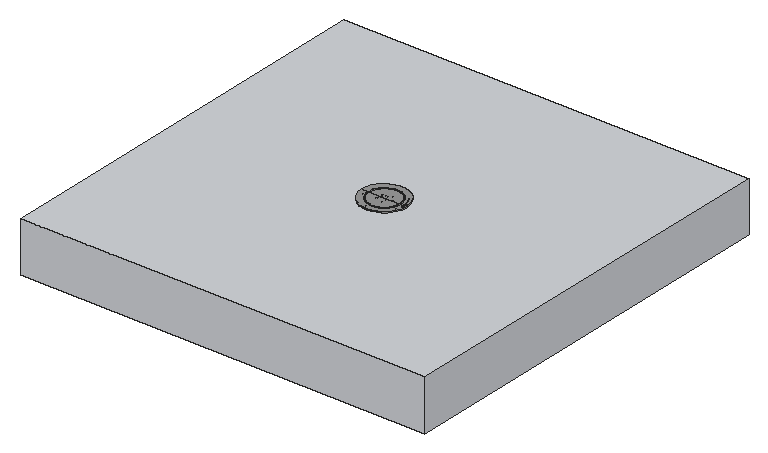
Revit family "LAMP_GAP G2 LED", category Modelos genéricos, Revit 2015
Parameters (values of type "1081LM 3000 MEDIUM FLOOD")
  Weight = 3.80 kg
  Type = "HIGH POWER NICHIA"
  Recessed diameter = 248 mm
  Protection rating = "IP67 / IK10"
  Product datasheet = "http://www.lamp.es/product-files/TECH/GA215MF830NI-EN.pdf"
  Product code = "GA215MF830NI"
  Product URL = "http://www.lamp.es/en/family/gap_33475"
  Power Supply = "220-240V 50/60Hz"
  Power = 10 W
  Plum = 13 W
  Photometric web file = Cuerpo GAP : 670LM 3000 SPOT
  Modelo = Product code  # "GA215MF830NI"
  Manufacturer name = "LAMP"
  Manufacturer country = "Spain"
  Manufacturer URL = "http://www.lamp.es/en"
  MacAdam = "3"
  Luminaire type = "OUTDOOR - RECESSED DOWNLIGHT"
  Last update = "12/02/2019"
  Lamp = "HIGH POWER LED"
  LED Lifetime = "60.000 L90 B10"
  Insulation class = "I"
  Installation instructions = "http://www.lamp.es/product-files/INS/1002840-D-INSTR.%20GAP%20LED.pdf"
  Initial intensity = 1081 lm
  Initial color = 3000 K
  IEE = "A+"
  Height = 109 mm
  Gear = "Electronic"
  Finish = "Texturised grey"
  Fabricante = Manufacturer name  # "LAMP"
  Default Elevation = 1219.2 mm
  Efficacy = 83.2 lm/W
  Diameter = 270 mm
  Descripción = "GAP G2 1400 WW MFL INOX"
  CRI = "80"
Types (18, lengths in mm): name | Product datasheet | Product code | Power | Plum | Modelo | LED Lifetime | Initial intensity | Initial color | Efficacy | Descripción
  1081LM 3000 MEDIUM FLOOD | "http://www.lamp.es/product-files/TECH/GA215MF830NI-EN.pdf" | "GA215MF830NI" | 10 W | 13 W | "GA215MF830NI" | "60.000 L90 B10" | 1081 lm | 3000 K | 83.2 lm/W | "GAP G2 1400 WW MFL INOX"
  1081LM 4000 MEDIUM FLOOD | "http://www.lamp.es/product-files/TECH/GA215MF840NI-EN.pdf" | "GA215MF840NI" | 10 W | 13 W | "GA215MF840NI" | "60.000 L90 B10" | 1081 lm | 4000 K | 83.2 lm/W | "GAP G2 1400 NW MFL INOX"
  1092LM 3000 WIDE FLOOD | "http://www.lamp.es/product-files/TECH/GA215WF830NI-EN.pdf" | "GA215WF830NI" | 10 W | 13 W | "GA215WF830NI" | "60.000 L90 B10" | 1092 lm | 3000 K | 84 lm/W | "GAP G2 1400 WW WFL INOX"
  1092LM 4000 WIDE FLOOD | "http://www.lamp.es/product-files/TECH/GA215WF840NI-EN.pdf" | "GA215WF840NI" | 10 W | 13 W | "GA215WF840NI" | "60.000 L90 B10" | 1092 lm | 4000 K | 84 lm/W | "GAP G2 1400 NW WFL INOX"
  1130LM 3000 SPOT | "http://www.lamp.es/product-files/TECH/GA215SP830NI-EN.pdf" | "GA215SP830NI" | 10 W | 13 W | "GA215SP830NI" | "60.000 L90 B10" | 1130 lm | 3000 K | 86.9 lm/W | "GAP G2 1400 WW SP INOX"
  1130LM 4000 SPOT | "http://www.lamp.es/product-files/TECH/GA215SP840NI-EN.pdf" | "GA215SP840NI" | 10 W | 13 W | "GA215SP840NI" | "60.000 L90 B10" | 1130 lm | 4000 K | 86.9 lm/W | "GAP G2 1400 NW SP INOX"
  2113LM 3000 MEDIUM FLOOD | "http://www.lamp.es/product-files/TECH/GA230MF830NI-EN.pdf" | "GA230MF830NI" | 20 W | 23 W | "GA230MF830NI" | "50.000 L90 B10" | 2113 lm | 3000 K | 91.9 lm/W | "GAP G2 2800 WW MFL INOX"
  2113LM 4000 MEDIUM FLOOD | "http://www.lamp.es/product-files/TECH/GA230MF840NI-EN.pdf" | "GA230MF840NI" | 20 W | 23 W | "GA230MF840NI" | "50.000 L90 B10" | 2113 lm | 4000 K | 91.9 lm/W | "GAP G2 2800 NW MFL INOX"
  2124LM 3000 WIDE FLOOD | "http://www.lamp.es/product-files/TECH/GA230WF830NI-EN.pdf" | "GA230WF830NI" | 20 W | 23 W | "GA230WF830NI" | "50.000 L90 B10" | 2124 lm | 3000 K | 92.3 lm/W | "GAP G2 2800 WW WFL INOX"
  2124LM 4000 WIDE FLOOD | "http://www.lamp.es/product-files/TECH/GA230WF840NI-EN.pdf" | "GA230WF840NI" | 20 W | 23 W | "GA230WF840NI" | "50.000 L90 B10" | 2124 lm | 4000 K | 92.3 lm/W | "GAP G2 2800 NW WFL INOX"
  2171LM 3000 SPOT | "http://www.lamp.es/product-files/TECH/GA230SP830NI-EN.pdf" | "GA230SP830NI" | 20 W | 23 W | "GA230SP830NI" | "50.000 L90 B10" | 2171 lm | 3000 K | 94.4 lm/W | "GAP G2 2800 WW SP INOX"
  2171LM 4000 SPOT | "http://www.lamp.es/product-files/TECH/GA230SP840NI-EN.pdf" | "GA230SP840NI" | 20 W | 23 W | "GA230SP840NI" | "50.000 L90 B10" | 2171 lm | 4000 K | 94.4 lm/W | "GAP G2 2800 NW SP INOX"
  2851LM 3000 MEDIUM FLOOD | "http://www.lamp.es/product-files/TECH/GA235MF830NI-EN.pdf" | "GA235MF830NI" | 30 W | 33.5 W | "GA235MF830NI" | "60.000 L90 B10" | 2851 lm | 3000 K | 85.1 lm/W | "GAP G2 3600 WW MFL INOX"
  2851LM 4000 MEDIUM FLOOD | "http://www.lamp.es/product-files/TECH/GA235MF840NI-EN.pdf" | "GA235MF840NI" | 30 W | 33.5 W | "GA235MF840NI" | "60.000 L90 B10" | 2851 lm | 4000 K | 85.1 lm/W | "GAP G2 3600 NW MFL INOX"
  2877LM 3000 WIDE FLOOD | "http://www.lamp.es/product-files/TECH/GA235WF830NI-EN.pdf" | "GA235WF830NI" | 30 W | 33.5 W | "GA235WF830NI" | "60.000 L90 B10" | 2877 lm | 3000 K | 85.9 lm/W | "GAP G2 3600 WW WFL INOX"
  2877LM 4000 WIDE FLOOD | "http://www.lamp.es/product-files/TECH/GA235WF840NI-EN.pdf" | "GA235WF840NI" | 30 W | 33.5 W | "GA235WF840NI" | "60.000 L90 B10" | 2877 lm | 4000 K | 85.9 lm/W | "GAP G2 3600 NW WFL INOX"
  2944LM 3000 SPOT | "http://www.lamp.es/product-files/TECH/GA235SP830NI-EN.pdf" | "GA235SP830NI" | 30 W | 33.5 W | "GA235SP830NI" | "60.000 L90 B10" | 2944 lm | 3000 K | 87.9 lm/W | "GAP G2 3600 WW SP INOX"
  2944LM 4000 SPOT | "http://www.lamp.es/product-files/TECH/GA235SP840NI-EN.pdf" | "GA235SP840NI" | 30 W | 33.5 W | "GA235SP840NI" | "60.000 L90 B10" | 2944 lm | 4000 K | 87.9 lm/W | "GAP G2 3600 NW SP INOX"
Reference planes
  plane 1 "Centro (Frontal/Posterior)": y = 0
  plane 2: z = 0
  plane 3 "Centro (Izquierda/Derecha)": x = 0
Forms (mm)
  Extrusion 1, solid
    sketch origin (0, 0, 0) x (1, 0, 0) y (0, 1, 0)
      loop
        line (-1219.2, 1219.2) -> (-1219.2, -1219.2) -> (1219.2, -1219.2) -> (1219.2, 1219.2) -> (-1219.2, 1219.2)
    from 0 to -304.8
Text (mm)
  text "Any modification of the parameters and properties of the LAMP BIM models must be executed and validated by the LAMP technical department.\n\nPhone: +34 93 736 68 00\n\nE-mail: lamp@lamp.es\n\n\n\nLAMP reserves the right to modify the technical specifications of its products." at (-18789.735, 13341.077, -13152.981), in view "Preview"
Dimensions and locks
  aligned and locked: plane 2 to Extrusion 1
  aligned and locked: level to Extrusion 1
Nested families
  nested 1: "Cuerpo GAP" at (0, 0, -104.5), type <- "Photometric web file", type "670LM 3000 SPOT"
Connectors
  electrical at (208.5, 0, -79.45)
    settings: on nested 1, index 1, voltage 230 V, apparent load 0 VA, apparent load phase1 0 VA, apparent load phase2 0 VA, apparent load phase3 0 VA, power factor 1, load classification "Otro", number of poles 1, system type 31, power factor state 1, is connector primary yes, connector utility no, sub classification motor no, connector description ""
Definition of nested family "Cuerpo GAP"
  Parameters (values of type "1081LM 3000 MEDIUM FLOOD")
    Tilt Angle = -90.00°
    Wattage = 13 W
    built-in parameter 1150107 = 3000 (stored number, unit not read)
    built-in parameter 1150110 = 1 (stored number, unit not read)
    built-in parameter 1150109 = 1 (stored number, unit not read)
    built-in parameter 1150112 = 1 (stored number, unit not read)
    built-in parameter 1150113 = 1 (stored number, unit not read)
    built-in parameter 1114218 = 1 (stored number, unit not read)
    built-in parameter 1150137 = (empty or 0)
    built-in parameter 1150132 = 2
    Material serigrafiado = none
    Material cuerpo = none
    Material cristal = none
    Material aro = none
    Material COB = none
    built-in parameter 1150105 = 5434 (stored number, unit not read)
    built-in parameter 1150102 = (empty or 0)
    built-in parameter 1150106 = 54.34 (stored number, unit not read)
    Lumens = 1081.6 lm
    Color Filter = 16777215
    built-in parameter 1114217 = 1 (stored number, unit not read)
    built-in parameter 1150139 = (empty or 0)
    built-in parameter 1150104 = 7.7295 (stored number, unit not read)
    built-in parameter 1150115 = 1 (stored number, unit not read)
    built-in parameter 1150114 = 1 (stored number, unit not read)
    built-in parameter 1150138 = (empty or 0)
    built-in parameter 1150134 = (empty or 0)
    Dimming Lamp Color Temperature Shift = (empty or 0)
    Photometric Web File = "GA215MF830NI.IES"
    built-in parameter 1150133 = 10 (stored number, unit not read)
  Types (19, lengths in mm): name | Wattage | built-in parameter 1150107 | built-in parameter 1150105 | built-in parameter 1150106 | Lumens | built-in parameter 1150104 | built-in parameter 1150134 | Photometric Web File
    (no name) | 13 W | 3000 (stored number, unit not read) | 5434 (stored number, unit not read) | 54.34 (stored number, unit not read) | 1081.6 lm | 7.7295 (stored number, unit not read) | (empty or 0) | "GA215MF830NI.IES"
    1081LM 3000 MEDIUM FLOOD | 13 W | 3000 (stored number, unit not read) | 5434 (stored number, unit not read) | 54.34 (stored number, unit not read) | 1081.6 lm | 7.7295 (stored number, unit not read) | (empty or 0) | "GA215MF830NI.IES"
    1081LM 4000 MEDIUM FLOOD | 13 W | 4000 (stored number, unit not read) | 5434 (stored number, unit not read) | 54.34 (stored number, unit not read) | 1081.6 lm | 7.7295 (stored number, unit not read) | 12 | "GA215MF840NI.IES"
    1092LM 3000 WIDE FLOOD | 13 W | 3000 (stored number, unit not read) | 5486.3 (stored number, unit not read) | 54.863 (stored number, unit not read) | 1092 lm | 7.8039 (stored number, unit not read) | (empty or 0) | "GA215WF830NI.IES"
    1092LM 4000 WIDE FLOOD | 13 W | 4000 (stored number, unit not read) | 5486.3 (stored number, unit not read) | 54.863 (stored number, unit not read) | 1092 lm | 7.8039 (stored number, unit not read) | 12 | "GA215WF840NI.IES"
    1130LM 3000 SPOT | 13 W | 3000 (stored number, unit not read) | 1628.2 (stored number, unit not read) | 16.282 (stored number, unit not read) | 1129.7 lm | 8.0733 (stored number, unit not read) | (empty or 0) | "GA215SP830NI.IES"
    1130LM 4000 SPOT | 13 W | 4000 (stored number, unit not read) | 1628.2 (stored number, unit not read) | 16.282 (stored number, unit not read) | 1129.7 lm | 8.0733 (stored number, unit not read) | 12 | "GA215SP840NI.IES"
    2113LM 3000 MEDIUM FLOOD | 23 W | 3000 (stored number, unit not read) | 31470.2 (stored number, unit not read) | 314.7 (stored number, unit not read) | 2113.7 lm | 8.5378 (stored number, unit not read) | (empty or 0) | "GA230MF830NI.IES"
    2113LM 4000 MEDIUM FLOOD | 23 W | 4000 (stored number, unit not read) | 31470.2 (stored number, unit not read) | 314.7 (stored number, unit not read) | 2113.7 lm | 8.5378 (stored number, unit not read) | 12 | "GA230MF840NI.IES"
    2124LM 3000 WIDE FLOOD | 23 W | 3000 (stored number, unit not read) | 10580.5 (stored number, unit not read) | 105.8 (stored number, unit not read) | 2122.9 lm | 8.575 (stored number, unit not read) | (empty or 0) | "GA230WF830NI.IES"
    2124LM 4000 WIDE FLOOD | 23 W | 4000 (stored number, unit not read) | 10580.5 (stored number, unit not read) | 105.8 (stored number, unit not read) | 2122.9 lm | 8.575 (stored number, unit not read) | 12 | "GA230WF840NI.IES"
    2171LM 3000 SPOT | 23 W | 3000 (stored number, unit not read) | 3129.3 (stored number, unit not read) | 31.293 (stored number, unit not read) | 2171.2 lm | 8.77 (stored number, unit not read) | (empty or 0) | "GA230SP830NI.IES"
    2171LM 4000 SPOT | 23 W | 4000 (stored number, unit not read) | 3129.3 (stored number, unit not read) | 31.293 (stored number, unit not read) | 2171.2 lm | 8.77 (stored number, unit not read) | 12 | "GA230SP840NI.IES"
    2851LM 3000 MEDIUM FLOOD | 33.5 W | 3000 (stored number, unit not read) | 43792 (stored number, unit not read) | 437.92 (stored number, unit not read) | 2850.85 lm | 7.906 (stored number, unit not read) | (empty or 0) | "GA235MF830NI.IES"
    2851LM 4000 MEDIUM FLOOD | 33.5 W | 4000 (stored number, unit not read) | 43792 (stored number, unit not read) | 437.92 (stored number, unit not read) | 2850.85 lm | 7.906 (stored number, unit not read) | 12 | "GA235MF840NI.IES"
    2877LM 3000 WIDE FLOOD | 33.5 W | 3000 (stored number, unit not read) | 14425 (stored number, unit not read) | 144.25 (stored number, unit not read) | 2877.65 lm | 7.9804 (stored number, unit not read) | (empty or 0) | "GA235WF830NI.IES"
    2877LM 4000 WIDE FLOOD | 33.5 W | 4000 (stored number, unit not read) | 14425 (stored number, unit not read) | 144.25 (stored number, unit not read) | 2877.65 lm | 7.9804 (stored number, unit not read) | 12 | "GA235WF840NI.IES"
    2944LM 3000 SPOT | 33.5 W | 3000 (stored number, unit not read) | 4238.2 (stored number, unit not read) | 42.382 (stored number, unit not read) | 2944.65 lm | 8.1662 (stored number, unit not read) | (empty or 0) | "GA235SP830NI.IES"
    2944LM 4000 SPOT | 33.5 W | 4000 (stored number, unit not read) | 4238.2 (stored number, unit not read) | 42.382 (stored number, unit not read) | 2944.65 lm | 8.1662 (stored number, unit not read) | 12 | "GA235SP840NI.IES"
  Reference planes
    plane 1 "Centro (Frontal/Posterior)": y = 0
    plane 2: z = 0
    plane 3 "Centro (Izquierda/Derecha)": x = 0
  Forms (mm)
    Extrusion 1, solid, material <- "Material cuerpo"
      sketch origin (0, 0, 0) x (1, 0, 0) y (0, 1, 0)
        loop
          arc (0, 81.2) -> (-81.2, 0) -> (0, -81.2) r 81.2
          line (0, -81.2) -> (212.6, -81.2)
          arc (212.6, -81.2) -> (224.197, -76.397) -> (229, -64.8) r 16.4
          line (229, -64.8) -> (229, 64.8)
          arc (229, 64.8) -> (224.197, 76.397) -> (212.6, 81.2) r 16.4
          line (212.6, 81.2) -> (0, 81.2)
      from 0 to 36.6
    Extrusion 2, void
      sketch origin (0, 0, 0) x (1, 0, 0) y (0, 1, 0)
        loop
          line (68.5, 75.7) -> (206.5, 75.7)
          arc (206.5, 75.7) -> (207.914, 75.114) -> (208.5, 73.7) r 2
          line (208.5, 73.7) -> (208.5, -73.7)
          arc (208.5, -73.7) -> (207.914, -75.114) -> (206.5, -75.7) r 2
          line (206.5, -75.7) -> (68.5, -75.7)
          arc (68.5, -75.7) -> (67.086, -76.286) -> (66.5, -77.7) r 2
          line (66.5, -77.7) -> (66.5, -79.2)
          arc (66.5, -79.2) -> (65.914, -80.614) -> (64.5, -81.2) r 2
          line (64.5, -81.2) -> (56.5, -81.2) -> (56.5, -90.7) -> (66.5, -90.7) -> (246.5, -90.7) -> (246.5, 95.7) -> (66.5, 95.7) -> (66.5, 90.7) -> (56.5, 90.7) -> (56.5, 81.2) -> (64.5, 81.2)
          arc (64.5, 81.2) -> (65.914, 80.614) -> (66.5, 79.2) r 2
          line (66.5, 79.2) -> (66.5, 77.7)
          arc (66.5, 77.7) -> (67.086, 76.286) -> (68.5, 75.7) r 2
      from 13.5 to 36.6
    Revolve 3, solid, material <- "Material cuerpo"
      sketch origin (0, 0, 0) x (1, 0, 0) y (0, 0, 1)
        loop
          line (0, 36.6) -> (0, 98) -> (-93, 98) -> (-93, 109) -> (-96, 109) -> (-96, 104.5) -> (-115, 104.5) -> (-115, 89.5) -> (-112, 89.5) -> (-112, 102) -> (-96, 102) -> (-96, 69) -> (-81.2, 36.6) -> (0, 36.6)
        axis (0, 109) -> (0, 36.6)
      angle from 0 to 360
    Revolve 4, solid, material <- "Material aro"
      sketch origin (0, 0, 8.1) x (1, 0, 0) y (0, 0, 1)
        loop
          line (-96, 100.9) -> (-135, 100.9) -> (-135, 96.4) -> (-96, 96.4) -> (-96, 100.9)
        axis (0, 100.9) -> (0, 96.4)
      angle from 0 to 360
    Revolve 5, solid, material <- "Material cristal"
      sketch origin (0, 0, 8.1) x (1, 0, 0) y (0, 0, 1)
        loop
          line (0, 100.9) -> (0, 96.4) -> (93, 96.4) -> (93, 100.9) -> (0, 100.9)
        axis (0, 100.9) -> (0, 96.4)
      angle from 0 to 360
    Extrusion 6, solid, material <- "Material serigrafiado"
      sketch origin (0, 0, 0) x (1, 0, 0) y (0, 1, 0)
        loop
          circle (11.442, -33.79) r 10.8
        loop
          circle (-28.919, -20.826) r 10.8
        loop
          circle (-29.323, 20.412) r 10.8
        loop
          circle (10.995, 33.969) r 10.8
        loop
          circle (35.671, 0.015) r 10.8
        loop
          circle (-5.898, 18.085) r 10.8
        loop
          circle (15.345, 11.183) r 10.8
        loop
          circle (15.345, -11.153) r 10.8
        loop
          circle (-5.898, -18.055) r 10.8
        loop
          circle (-19.026, 0.015) r 10.8
        loop
          circle (0, 0) r 93
      from 98 to 99.883
    Extrusion 7, solid, material <- "Material cristal"
      sketch origin (0, 0, 0) x (1, 0, 0) y (0, 1, 0)
        loop
          circle (-29.323, 20.412) r 10.8
        loop
          circle (-5.898, 18.085) r 10.8
        loop
          circle (10.995, 33.969) r 10.8
        loop
          circle (15.345, 11.183) r 10.8
        loop
          circle (35.671, 0.015) r 10.8
        loop
          circle (15.345, -11.153) r 10.8
        loop
          circle (11.442, -33.79) r 10.8
        loop
          circle (-5.898, -18.055) r 10.8
        loop
          circle (-19.026, 0.015) r 10.8
        loop
          circle (-28.919, -20.826) r 10.8
      from 98 to 104.5
    Extrusion 8, solid, material <- "Material COB"
      sketch origin (0, 0, 0) x (1, 0, 0) y (0, 1, 0)
        loop
          line (-31.823, 22.912) -> (-31.823, 17.912) -> (-26.823, 17.912) -> (-26.823, 22.912) -> (-31.823, 22.912)
        loop
          line (8.495, 36.469) -> (8.495, 31.469) -> (13.495, 31.469) -> (13.495, 36.469) -> (8.495, 36.469)
        loop
          line (-8.398, 20.585) -> (-8.398, 15.585) -> (-3.398, 15.585) -> (-3.398, 20.585) -> (-8.398, 20.585)
        loop
          line (12.845, 13.683) -> (12.845, 8.683) -> (17.845, 8.683) -> (17.845, 13.683) -> (12.845, 13.683)
        loop
          line (33.171, 2.515) -> (33.171, -2.485) -> (38.171, -2.485) -> (38.171, 2.515) -> (33.171, 2.515)
        loop
          line (12.845, -8.653) -> (12.845, -13.653) -> (17.845, -13.653) -> (17.845, -8.653) -> (12.845, -8.653)
        loop
          line (-21.526, 2.515) -> (-21.526, -2.485) -> (-16.526, -2.485) -> (-16.526, 2.515) -> (-21.526, 2.515)
        loop
          line (-8.398, -15.555) -> (-8.398, -20.555) -> (-3.398, -20.555) -> (-3.398, -15.555) -> (-8.398, -15.555)
        loop
          line (-31.419, -18.326) -> (-31.419, -23.326) -> (-26.419, -23.326) -> (-26.419, -18.326) -> (-31.419, -18.326)
        loop
          line (8.942, -31.29) -> (8.942, -36.29) -> (13.942, -36.29) -> (13.942, -31.29) -> (8.942, -31.29)
      from 104.5 to 105.5
    Extrusion 9, solid, material <- "Material aro"
      sketch origin (0, 0, 0) x (1, 0, 0) y (0, 1, 0)
        loop
          arc (129.247, -16.063) -> (129.647, -15.897) -> (129.813, -15.497) r 0.566
          line (129.813, -15.497) -> (129.813, -11.632) -> (119.403, -8.05) -> (129.734, -4.497) -> (129.734, -1.62)
          arc (129.734, -1.62) -> (129.572, -1.229) -> (129.181, -1.067) r 0.553
          line (129.181, -1.067) -> (119.34, -1.067) -> (122.455, 2.048) -> (119.34, 5.164) -> (129.276, 5.164)
          arc (129.276, 5.164) -> (129.656, 5.321) -> (129.813, 5.701) r 0.537
          line (129.813, 5.701) -> (129.813, 9.554)
          arc (129.813, 9.554) -> (129.643, 9.965) -> (129.232, 10.135) r 0.581
          line (129.232, 10.135) -> (119.822, 10.135)
          arc (119.822, 10.135) -> (119.424, 10.299) -> (119.26, 10.697) r 0.562
          line (119.26, 10.697) -> (119.26, 13.31)
          arc (119.26, 13.31) -> (119.429, 13.719) -> (119.838, 13.889) r 0.579
          line (119.838, 13.889) -> (121.813, 13.889)
          arc (121.813, 13.889) -> (122.22, 13.72) -> (122.388, 13.314) r 0.575
          line (122.388, 13.314) -> (122.388, 10.907)
          arc (122.388, 10.907) -> (123.014, 10.281) -> (123.639, 10.907) r 0.626
          line (123.639, 10.907) -> (123.639, 14.579)
          arc (123.639, 14.579) -> (123.475, 14.976) -> (123.079, 15.14) r 0.561
          line (123.079, 15.14) -> (118.597, 15.14)
          arc (118.597, 15.14) -> (118.181, 14.967) -> (118.009, 14.551) r 0.589
          line (118.009, 14.551) -> (118.009, 9.465)
          arc (118.009, 9.465) -> (118.179, 9.054) -> (118.59, 8.884) r 0.581
          line (118.59, 8.884) -> (127.997, 8.884)
          arc (127.997, 8.884) -> (128.408, 8.713) -> (128.578, 8.302) r 0.581
          line (128.578, 8.302) -> (128.578, 7.015)
          arc (128.578, 7.015) -> (128.409, 6.606) -> (128, 6.437) r 0.578
          line (128, 6.437) -> (119.161, 6.437)
          arc (119.161, 6.437) -> (117.899, 5.529) -> (118.359, 4.045) r 1.33
          line (118.359, 4.045) -> (120.355, 2.048) -> (118.359, 0.052)
          arc (118.359, 0.052) -> (117.899, -1.433) -> (119.161, -2.34) r 1.33
          line (119.161, -2.34) -> (127.858, -2.34)
          arc (127.858, -2.34) -> (128.566, -2.94) -> (128.092, -3.737) r 0.718
          line (128.092, -3.737) -> (118.808, -6.93)
          arc (118.808, -6.93) -> (118.009, -8.05) -> (118.808, -9.171) r 1.185
          line (118.808, -9.171) -> (128.578, -12.532) -> (128.578, -14.255)
          arc (128.578, -14.255) -> (128.415, -14.649) -> (128.022, -14.811) r 0.556
          line (128.022, -14.811) -> (118.568, -14.811)
          arc (118.568, -14.811) -> (117.942, -15.437) -> (118.568, -16.063) r 0.626
          line (118.568, -16.063) -> (129.247, -16.063)
      from 109 to 110
  Cuts and joins
    Extrusion 2 cuts Extrusion 1
    joined: Extrusion 1, Revolve 3
  Dimensions and locks
    aligned and locked: level to plane 2
